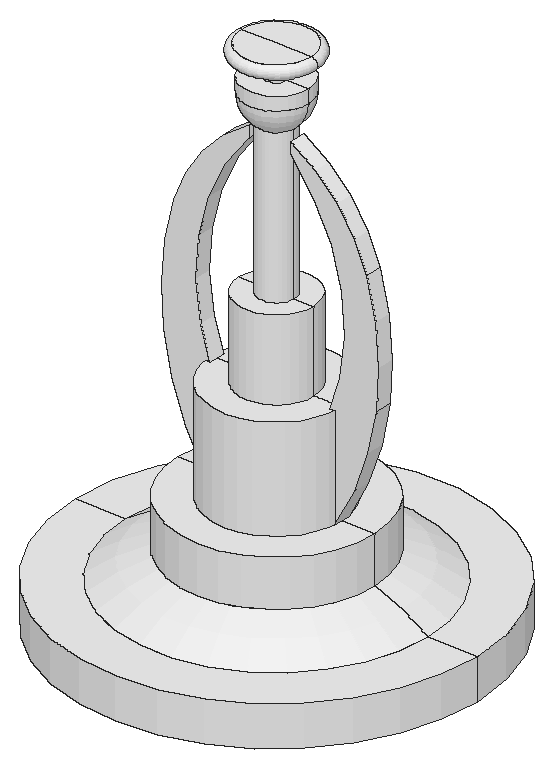
Revit family "211300 - Fire-Suppression Sprinkler Systems - Exposed Head", category Generic Models, Revit 2020
Family settings
  Can host rebar = No
  Round Connector Dimension = Use Diameter
  Part Type = Normal
  Work Plane-Based = Yes
  Always vertical = No
  Cut with Voids When Loaded = No
  Shared = No
  Room Calculation Point = No
Parameters
  Tip Material = FRY REGLET REVEAL
  Default Elevation = 4' - 0"
  Body Material = EXISTING SPRINKLER HEADS TO REMAIN
Reference planes (in)
  plane 1 "Center (Front/Back)": y = 0
  plane 2: z = 0
  plane 3 "Center (Left/Right)": x = 0
Forms (in)
  Revolve 1, solid, material "EXISTING SPRINKLER HEADS TO REMAIN" <- "Body Material"
    sketch origin (0, 0, 157.48031) x (1, 0, 0) y (0, 0, 1)
      loop
        line (0, -157.48031) -> (0, -154.93813) -> (-0.17067, -154.93813)
        arc (-0.17067, -154.93813) -> (-0.20085, -154.96831) -> (-0.17067, -154.9985) r 0.03018
        line (-0.17067, -154.9985) -> (-0.0511, -154.9985) -> (-0.0511, -155.08314) -> (-0.15838, -155.08314) -> (-0.15838, -155.14775)
        arc (-0.15838, -155.14775) -> (-0.13797, -155.22309) -> (-0.08635, -155.28163) r 0.17182
        line (-0.08635, -155.28163) -> (-0.08635, -156.02844) -> (-0.18312, -156.02844) -> (-0.18312, -156.42214) -> (-0.31884, -156.42214) -> (-0.31884, -156.92252) -> (-0.48196, -156.92252) -> (-0.48196, -157.15088)
        arc (-0.48196, -157.15088) -> (-0.61632, -157.20708) -> (-0.74032, -157.28346) r 0.93496
        line (-0.74032, -157.28346) -> (-0.98425, -157.28346) -> (-0.98425, -157.48031) -> (0, -157.48031)
      axis (0, -154.93813) -> (0, -157.48031)
    angle from 0 to 360
  Extrusion 2, solid, material "EXISTING SPRINKLER HEADS TO REMAIN" <- "Body Material"
    sketch origin (0, 0, 157.48031) x (1, 0, 0) y (0, 0, 1)
      loop
        arc (-0.19092, -156.62792) -> (-0.3621, -155.98426) -> (-0.1006, -155.3717) r 1.02262
        line (-0.1006, -155.3717) -> (-0.1006, -155.31693)
        arc (-0.1006, -155.31693) -> (-0.33094, -155.51036) -> (-0.47225, -155.77588) r 0.78977
        arc (-0.47225, -155.77588) -> (-0.52778, -156.06349) -> (-0.52109, -156.35635) r 1.37434
        arc (-0.52109, -156.35635) -> (-0.44996, -156.65015) -> (-0.31884, -156.92252) r 1.4345
        line (-0.31884, -156.92252) -> (0, -156.92252) -> (0, -156.62792) -> (-0.19092, -156.62792)
    from -0.04123 to 0.03887
  Extrusion 3, solid, material "EXISTING SPRINKLER HEADS TO REMAIN" <- "Body Material"
    sketch origin (0, 0, 157.48031) x (-1, 0, 0) y (0, 0, -1)
      loop
        line (-0.19092, 156.62792) -> (0, 156.62792) -> (0, 156.92252) -> (-0.31884, 156.92252)
        arc (-0.31884, 156.92252) -> (-0.44996, 156.65015) -> (-0.52109, 156.35635) r 1.4345
        arc (-0.52109, 156.35635) -> (-0.52778, 156.06349) -> (-0.47225, 155.77588) r 1.37434
        arc (-0.47225, 155.77588) -> (-0.33094, 155.51036) -> (-0.1006, 155.31693) r 0.78977
        line (-0.1006, 155.31693) -> (-0.1006, 155.3717)
        arc (-0.1006, 155.3717) -> (-0.3621, 155.98426) -> (-0.19092, 156.62792) r 1.02262
    from -0.04123 to 0.03887
Dimensions and locks (in)
  aligned and locked: plane 2 to level
